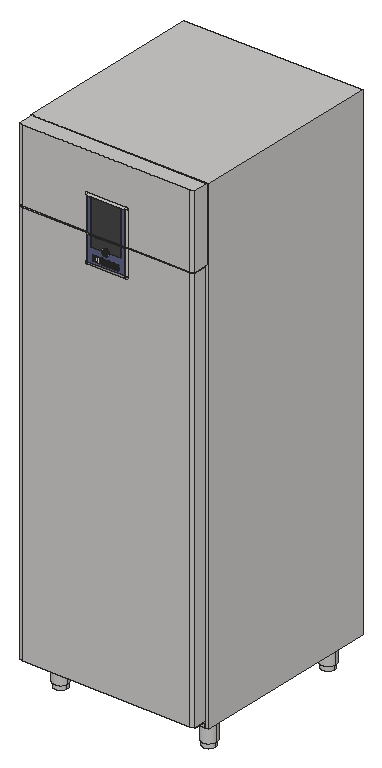
Revit family "QF_ELECTROLUXPROFESSIONAL_725239_ESP71FFRCO2", category Specialty Equipment, Revit 2018
Family settings
  Round Connector Dimension = Use Diameter
  Part Type = Normal
  Work Plane-Based = No
  Always vertical = Yes
  Cut with Voids When Loaded = No
  Shared = No
  Room Calculation Point = No
Parameters (values of type "Standard")
  Weight = 102.00 kg
  Watts = 0 W
  Volts = 220 V
  URL Manufacturer = "http://professional.electrolux.com"
  URL = "http://professional.electrolux.com"
  Steam Supply Size = 0 mm
  Steam Supply Minimum Pressure = 0.0 Pa
  Steam Supply Maximum Pressure = 0.0 Pa
  Steam Pounds per Hour = 0
  Refrigeration Suction Line Size = 0.031 mm
  Refrigeration Liquid Line Size = 0.02 mm
  Refrigerant Compressor Remote = yes
  Manufacturer = "Electrolux Professional"
  Phase = 1
  Model = "ESP71FFRCO2"
  Length Actual = 710 mm  # constant formula
  Item Number = "725239"
  Hot Water Size = 0 mm
  Height Actual = 2050 mm  # constant formula
  HP = "0.2 HP"
  Gas Size = 0 mm
  Gas KW = 0
  Gas Input Pressure = 0 W
  Direct Waste Size = 0 mm
  Description = "1-DOOR FREEZER 670L -22/-15°, DIGITAL,REM, CO2 W/VALVE"
  Depth Actual = 835 mm  # constant formula
  Cycle = 60 Hz
  Condensate Return Size = 0 mm
  Compressed Air Volume = 0.0 L/s
  Compressed Air Size = 0 mm
  Compressed Air Pressure = 0.0 Pa
  Cold Water Size = 0 mm
  Accessory = yes
Reference planes
  plane 1 "Center (Front/Back)": y = 0
  plane 2: z = 0
  plane 3 "Center (Left/Right)": x = 0
  plane 4 "BASE": z = 110
  plane 5 "TOP": z = 2050
  plane 6 "FRONT": y = -417.5
  plane 7 "BACK": y = 417.5
  plane 8 "LEFT": x = -355
  plane 9 "RIGHT": x = 355
  plane 10 "RO_X": y = -166.5
  plane 11 "RO_Y": x = -245
  plane 12 "REMOTE_Z": z = 1802
  plane 13 "RI_Y": x = -205
  plane 14 "RI_X": y = -187.5
Forms (mm)
  Extrusion 1, solid, material "QF_Finishes_Stainless Steel"
    sketch origin (0, 0, 0) x (1, 0, 0) y (0, 1, 0)
      loop
        circle (-278, 344.5) r 25
      loop
        circle (278, 344.5) r 25
      loop
        circle (-295, -269.5) r 25
      loop
        circle (295, -269.5) r 25
    from 0 to 20
  Extrusion 2, solid, material "QF_Finishes_Stainless Steel"
    sketch origin (0, 0, 0) x (1, 0, 0) y (0, 1, 0)
      loop
        circle (-278, 344.5) r 30
      loop
        circle (278, 344.5) r 30
      loop
        circle (295, -269.5) r 30
      loop
        circle (-295, -269.5) r 30
    from 20 to 110
  Extrusion 3, solid, material "QF_Finishes_Stainless Steel"
    sketch origin (0, 0, 110) x (-1, 0, 0) y (0, -1, 0)
      loop
        line (355, -417.5) -> (355, 345.5) -> (-355, 345.5) -> (-355, -417.5) -> (355, -417.5)
    from 0 to 1940
  Extrusion 4, solid
    sketch origin (0, 417.5, 1660) x (-1, 0, 0) y (0, 0, 1)
      loop
        circle (339, 124) r 10
    from 0 to 3.2
  Extrusion 5, solid, material "QF_Door-Drawer Clearances", detail levels coarse
    sketch origin (0, 0, 110) x (-1, 0, 0) y (0, -1, 0)
      loop
        line (-345, 409.5) -> (-283, 409.5) -> (-283, 1006.5) -> (-301, 1006.5) -> (-301, 1024.5) -> (-323, 1024.5) -> (-323, 1062.5) -> (-345, 1062.5) -> (-345, 409.5)
    from 1642.965 to 28
  Extrusion 6, solid, material "QF_Door-Drawer Clearances", detail levels coarse
    sketch origin (0, 0, 110) x (-1, 0, 0) y (0, -1, 0)
      loop
        line (-283, 409.5) -> (347, 409.5)
        arc (347, 409.5) -> (150.684, 878.295) -> (-323, 1062.5) r 650
        line (-323, 1062.5) -> (-323, 1024.5) -> (-301, 1024.5) -> (-301, 1006.5) -> (-283, 1006.5) -> (-283, 409.5)
    from 1642.965 to 28
  Extrusion 7, solid, material "QF_Clearances", detail levels coarse
    sketch origin (0, 0, 110) x (-1, 0, 0) y (0, -1, 0)
      loop
        line (355, 417.5) -> (355, -417.5) -> (-355, -417.5) -> (-355, 417.5) -> (-385, 417.5) -> (-385, -447.5) -> (385, -447.5) -> (385, 417.5) -> (355, 417.5)
    from -110 to 1940
  Extrusion 8, solid, material "QF_Clearances", detail levels coarse
    sketch origin (0, 0, 2050) x (-1, 0, 0) y (0, -1, 0)
      loop
        line (385, -447.5) -> (385, 417.5) -> (-385, 417.5) -> (-385, -447.5) -> (385, -447.5)
    from 0 to 500
  Extrusion 9, void
    sketch origin (0, 417.5, 0) x (-1, 0, 0) y (0, 0, 1)
      loop
        line (280, 1724.965) -> (-280, 1724.965) -> (-280, 180) -> (0, 170) -> (280, 179.676) -> (280, 1724.965)
    from -56 to -763
  Extrusion 10, solid, material "QF_Finishes_Stainless Steel"
    sketch origin (0, 0, 2050) x (-1, 0, 0) y (0, -1, 0)
      loop
        circle (245, 166.5) r 4.75
    from -141.254 to -29
  Extrusion 11, solid, material "QF_Finishes_Stainless Steel"
    sketch origin (0, 0, 0) x (0, 1, 0) y (0, 0, 1)
      loop
        circle (-187.5, 1855) r 3
    from -90.986 to -205
Cuts and joins
  joined: Extrusion 7, Extrusion 8
  Extrusion 9 cuts Extrusion 3
Lines and regions (mm)
  symbolic lines, style "SpecialityEquipmentHiddenLines"
    curve 1: line (345, -409.5, 110) -> (345, -1062.5, 110)
    curve 2: line (345, -1062.5, 110) -> (323, -1062.5, 110)
    curve 3: line (283, -409.5, 110) -> (283, -1006.5, 110)
    curve 4: line (323, -1062.5, 110) -> (323, -1024.5, 110)
    curve 5: line (323, -1024.5, 110) -> (301, -1024.5, 110)
    curve 6: line (301, -1024.5, 110) -> (301, -1006.5, 110)
    curve 7: line (301, -1006.5, 110) -> (283, -1006.5, 110)
    curve 8: arc (-347, -409.5, 110) -> (-150.684, -878.295, 110) -> (323, -1062.5, 110) r 650
  symbolic lines, style "QF_Clearances", detail levels coarse
    curve 9: line (-355, -417.5, 2050) -> (-385, -417.5, 2050)
    curve 10: line (-385, -417.5, 2050) -> (-385, 447.5, 2050)
    curve 11: line (-385, 447.5, 2050) -> (385, 447.5, 2050)
    curve 12: line (385, 447.5, 2050) -> (385, -417.5, 2050)
    curve 13: line (385, -417.5, 2050) -> (355, -417.5, 2050)
  symbolic lines
    curve 14: line (355, 417.5, 2050) -> (-355, 417.5, 2050)
    curve 15: line (355, -345.5, 2050) -> (355, 417.5, 2050)
    curve 16: line (-355, -345.5, 2050) -> (355, -345.5, 2050)
    curve 17: line (-355, 417.5, 2050) -> (-355, -345.5, 2050)
Dimensions and locks
  equal spacing: plane 7 "BACK", plane 1 "Center (Front/Back)", plane 6 "FRONT"
  equal spacing: plane 8 "LEFT", plane 3 "Center (Left/Right)", plane 9 "RIGHT"
  plane 8 "LEFT" to plane 9 "RIGHT" = 710 mm
  plane 7 "BACK" to plane 6 "FRONT" = 835 mm
  plane 5 "TOP" to plane 2 = 2050 mm
  plane 7 "BACK" to plane 10 "RO_X" = 584 mm
  plane 8 "LEFT" to plane 11 "RO_Y" = 110 mm
  Extrusion 10 to plane 12 "REMOTE_Z" = 219 mm
  plane 14 "RI_X" to plane 7 "BACK" = 605 mm
  aligned and locked: level to plane 2
Automatic sketch dimensions
  Extrusion 3 sketch curve to plane 7 "BACK" = 0 mm
  Extrusion 3 sketch curve to plane 9 "RIGHT" = 0 mm
  Extrusion 3 sketch curve to plane 8 "LEFT" = 0 mm
  plane 8 "LEFT" to Extrusion 4 sketch curve = 16 mm
  plane 4 "BASE" to Extrusion 4 sketch curve = 1674 mm
  plane 9 "RIGHT" to curve 1 = 10 mm
  curve 1 to curve 2 = 22 mm
  plane 6 "FRONT" to curve 8 = 4.692 mm
  curve 7 to plane 6 "FRONT" = 589 mm
  curve 6 to curve 5 = 18 mm
  curve 4 to curve 2 = 38 mm
  plane 6 "FRONT" to curve 8 = 8 mm
  plane 6 "FRONT" to curve 1 = 8 mm
  plane 6 "FRONT" to curve 3 = 8 mm
  plane 9 "RIGHT" to Extrusion 5 sketch curve = 10 mm
  Extrusion 5 sketch curve to plane 6 "FRONT" = 589 mm
  Extrusion 5 sketch curve to Extrusion 5 sketch curve = 18 mm
  Extrusion 5 sketch curve to Extrusion 5 sketch curve = 38 mm
  plane 6 "FRONT" to Extrusion 5 sketch curve = 8 mm
  plane 6 "FRONT" to Extrusion 6 sketch curve = 4.692 mm
  Extrusion 6 sketch curve to Extrusion 6 sketch curve = 18 mm  (x2)
  Extrusion 6 sketch curve to Extrusion 6 sketch curve = 38 mm
  plane 8 "LEFT" to Extrusion 6 sketch curve = 8 mm
  plane 6 "FRONT" to Extrusion 6 sketch curve = 8 mm
  Extrusion 7 sketch curve to plane 6 "FRONT" = 0 mm  (x2)
  Extrusion 7 sketch curve to plane 7 "BACK" = 0 mm
  Extrusion 7 sketch curve to plane 9 "RIGHT" = 0 mm
  Extrusion 7 sketch curve to plane 8 "LEFT" = 0 mm
  Extrusion 7 sketch curve to plane 9 "RIGHT" = 30 mm
  Extrusion 7 sketch curve to plane 8 "LEFT" = 30 mm
  plane 7 "BACK" to Extrusion 7 sketch curve = 30 mm
  Extrusion 8 sketch curve to plane 6 "FRONT" = 0 mm
  Extrusion 8 sketch curve to plane 9 "RIGHT" = 30 mm
  Extrusion 8 sketch curve to plane 8 "LEFT" = 30 mm
  plane 7 "BACK" to Extrusion 8 sketch curve = 30 mm
  plane 8 "LEFT" to Extrusion 1 sketch curve = 60 mm
  plane 8 "LEFT" to Extrusion 1 sketch curve = 77 mm
  plane 9 "RIGHT" to Extrusion 1 sketch curve = 77 mm
  plane 9 "RIGHT" to Extrusion 1 sketch curve = 60 mm
  plane 6 "FRONT" to Extrusion 1 sketch curve = 148 mm  (x2)
  Extrusion 1 sketch curve to plane 7 "BACK" = 73 mm  (x2)
  plane 8 "LEFT" to Extrusion 2 sketch curve = 60 mm
  plane 8 "LEFT" to Extrusion 2 sketch curve = 77 mm
  plane 9 "RIGHT" to Extrusion 2 sketch curve = 77 mm
  plane 9 "RIGHT" to Extrusion 2 sketch curve = 60 mm
  plane 6 "FRONT" to Extrusion 2 sketch curve = 148 mm  (x2)
  Extrusion 2 sketch curve to plane 7 "BACK" = 73 mm  (x2)
  plane 6 "FRONT" to Extrusion 3 sketch curve = 72 mm
  curve 1 to curve 8 = 42.008 mm
  curve 4 to curve 5 = 22 mm
  curve 6 to curve 3 = 18 mm
  plane 9 "RIGHT" to Extrusion 5 sketch curve = 32 mm
  Extrusion 5 sketch curve to Extrusion 5 sketch curve = 22 mm
  Extrusion 5 sketch curve to Extrusion 5 sketch curve = 62 mm
  plane 9 "RIGHT" to Extrusion 6 sketch curve = 72 mm
  Extrusion 6 sketch curve to Extrusion 6 sketch curve = 19.992 mm
  Extrusion 6 sketch curve to Extrusion 6 sketch curve = 22 mm
  Extrusion 9 sketch curve to plane 3 "Center (Left/Right)" = 0 mm
  plane 8 "LEFT" to Extrusion 9 sketch curve = 75 mm
  plane 4 "BASE" to Extrusion 9 sketch curve = 60 mm
  plane 4 "BASE" to Extrusion 9 sketch curve = 69.676 mm
  Extrusion 9 sketch curve to plane 5 "TOP" = 325.035 mm
  plane 9 "RIGHT" to Extrusion 9 sketch curve = 75 mm
  Extrusion 9 sketch curve to Extrusion 9 sketch curve = 0.324 mm
  Extrusion 10 sketch curve to plane 10 "RO_X" = 0 mm
  Extrusion 10 sketch curve to plane 11 "RO_Y" = 0 mm
  Extrusion 11 sketch curve to plane 10 "RO_X" = 21 mm
  Extrusion 11 sketch curve to plane 12 "REMOTE_Z" = 53 mm
  curve 12 to plane 6 "FRONT" = 0 mm
  curve 15 to plane 7 "BACK" = 0 mm
  curve 15 to plane 9 "RIGHT" = 0 mm
  curve 13 to plane 9 "RIGHT" = 0 mm
  curve 17 to plane 8 "LEFT" = 0 mm
  curve 9 to plane 6 "FRONT" = 0 mm
  curve 9 to plane 8 "LEFT" = 0 mm
  curve 12 to plane 9 "RIGHT" = 30 mm
  curve 9 to curve 10 = 30 mm
  plane 7 "BACK" to curve 12 = 30 mm
  plane 6 "FRONT" to curve 15 = 72 mm
  radius of Extrusion 1 sketch curve = 25 mm  (x4)
  radius of Extrusion 2 sketch curve = 30 mm  (x4)
  radius of Extrusion 4 sketch curve = 10 mm
  radius of Extrusion 10 sketch curve = 4.75 mm
  radius of Extrusion 11 sketch curve = 3 mm
Nested families
  nested 1: "QF_725239_Door" at (0, -345.5, 968.365) x (1, 0, 0) z (0, -1, 0), type "QF_725239_Door"
    with Show Clearance yes
  nested 2: "Freezer" at (355, -417.5, 2050), type "Freezer"
Connectors
  electrical at (-339, 420.7, 1784), driven by "Volts"
    settings: on Extrusion 4, index 2, voltage 220 V, apparent load 0 VA, apparent load phase1 0 VA, apparent load phase2 0 VA, apparent load phase3 0 VA, power factor 1, load classification "Other", number of poles 1, system type 30, power factor state 1, is connector primary yes, connector utility no, sub classification motor no, connector description "Electrical Connection"
  piping at (-245, -166.5, 2021), diameter 9.5
    settings: on Extrusion 10, index 3, connector inside diameter 609.6 mm, connector length 0 mm, flow factor 0, pipe flow 0.0 L/s, pressure drop 0.0 Pa, fitting loss kfactor 0, connector angle 0.00°, fixture units 0, engagement length 0 mm, angle of deflection 0.00°, flow configuration 1, flow direction 2, fitting loss method 0, system type 8, joint type 0, gender type 0, connector reference index -1, connector utility 0, adjustable connector no, is connector primary yes, connector description "Refrigerant Outlet"
  piping at (-205, -187.5, 1855), diameter 6
    settings: on Extrusion 11, index 4, connector inside diameter 609.6 mm, connector length 0 mm, flow factor 0, pipe flow 0.0 L/s, pressure drop 0.0 Pa, fitting loss kfactor 0, connector angle 0.00°, fixture units 0, engagement length 0 mm, angle of deflection 0.00°, flow configuration 1, flow direction 1, fitting loss method 0, system type 7, joint type 0, gender type 0, connector reference index -1, connector utility 0, adjustable connector no, is connector primary no, connector description "Refrigerant Inlet"
Definition of nested family "QF_725239_Door"
  Parameters
    Show Clearance [instance] = yes
    Model = "725239"
    Default Elevation = 1219.2 mm
  Reference planes
    plane 1 "Center (Front/Back)": y = 0
    plane 2: z = 0
    plane 3 "Center (Left/Right)": x = 0
  Forms (mm)
    Extrusion 1, solid
      sketch origin (0, -919.2, 0) x (1, 0, 0) y (0, 1, 0)
        loop
          line (-460, 2119.2) -> (-460, -162.846) -> (488.967, -162.846) -> (488.967, 2119.2) -> (-460, 2119.2)
      from 0 to -59.546
    Extrusion 2, solid
      sketch origin (0, 0, 0) x (1, 0, 0) y (0, 0, 1)
        loop
          line (-347, 60) -> (-347, 0) -> (347, 0) -> (347, 60) -> (332, 64) -> (-332, 64) -> (-347, 60)
      from -1081.6 to -791.6
    Extrusion 3, solid
      sketch origin (0, 0, 0) x (1, 0, 0) y (0, 0, 1)
        loop
          line (-347, 60) -> (-347, 26) -> (-325, 26) -> (-325, 8) -> (-307, 8) -> (-307, 0) -> (339, 0) -> (339, 8) -> (347, 8) -> (347, 60) -> (332, 64) -> (-332, 64) -> (-347, 60)
      from -784.6 to 830.4
    Extrusion 4, solid
      sketch origin (119, -516.365, 0) x (0, 1, 0) y (0, 0, 1)
        loop
          line (-323.003, 40.312) -> (-316.501, 40.312) -> (-316.501, 42.812) -> (-325.503, 42.812) -> (-325.503, 2.5) -> (-342, 2.5) -> (-342, 0) -> (-323.003, 0) -> (-323.003, 12.259) -> (-323.003, 40.312)
        loop
          line (-314, 38.311) -> (-316.501, 38.311) -> (-316.501, 14.304) -> (-319.752, 14.304) -> (-319.752, 11.804) -> (-314, 11.804) -> (-314, 38.311)
      from 185 to 220
    Extrusion 5, solid
      sketch origin (119, 469.597, 0) x (0, 1, 0) y (0, 0, 1)
        loop
          line (315.003, 27.948) -> (315.003, 2.948) -> (315.003, 0) -> (322.003, 0) -> (322.003, 2.5) -> (317.503, 2.5) -> (317.503, 27.948) -> (315.003, 27.948)
      from 185 to 220
  Lines and regions (mm)
    symbolic lines
      curve 1: line (-332, 0, 64) -> (332, 0, 64)
      curve 2: line (-347, 0, 0) -> (-347, 0, 60)
      curve 3: line (347, 0, 0) -> (-347, 0, 0)
      curve 4: line (347, 0, 60) -> (347, 0, 0)
      curve 5: line (-347, 0, 26) -> (-325, 0, 26)
      curve 6: line (-325, 0, 26) -> (-325, 0, 8)
      curve 7: line (-325, 0, 8) -> (-307, 0, 8)
      curve 8: line (-307, 0, 8) -> (-307, 0, 0)
      curve 9: line (339, 0, 8) -> (347, 0, 8)
      curve 10: line (339, 0, 8) -> (339, 0, 0)
      curve 11: line (347, 0, 60) -> (332, 0, 64)
      curve 12: line (-332, 0, 64) -> (-347, 0, 60)
  Dimensions and locks
    aligned and locked: plane 2 to Extrusion 1
    aligned and locked: level to Extrusion 1
  Nested families
    nested 1: "QF_DisplayPremiumCabinets" at (0, 803.6, 64), type "QF_DisplayPremiumCabinets"
      with Show Clearance yes
  Definition of nested family "QF_DisplayPremiumCabinets"
    Parameters
      Show Clearance [instance] = yes
      Model = "728658"
      Default Elevation = 1219.2 mm
    Reference planes
      plane 1 "Center (Front/Back)": y = 0
      plane 2: z = 0
      plane 3 "Center (Left/Right)": x = 0
    Forms (mm)
      Extrusion 1, solid
        sketch origin (0, -919.2, 0) x (1, 0, 0) y (0, 1, 0)
          loop
            line (-980.5, 2119.2) -> (-980.5, -162.846) -> (881.94, -162.846) -> (881.94, 2119.2) -> (-980.5, 2119.2)
        from 0 to -59.546
      Extrusion 2, solid
        sketch origin (-0.611, 0, 0) x (1, 0, 0) y (0, 1, 0)
          loop
            circle (0.611, -59) r 14
        from 5 to 7
      Extrusion 3, solid
        sketch origin (364.889, -803.635, 0) x (1, 0, 0) y (0, 1, 0)
          loop
            circle (-364.889, 744.635) r 10
          loop
            circle (-364.889, 744.635) r 9
        from 5 to 8
      Extrusion 4, solid
        sketch origin (364.889, -803.635, 0) x (1, 0, 0) y (0, 1, 0)
          loop
            circle (-364.889, 744.635) r 8.7
        from 5 to 8
      Extrusion 5, void
        sketch origin (-744.647, -424.488, 0) x (0, -1, 0) y (1, 0, 0)
          loop
            line (-372.339, 745.885) -> (-372.339, 743.385) -> (-362.339, 743.385) -> (-362.339, 745.885) -> (-372.339, 745.885)
        from 8.592 to 6.269
      Extrusion 6, solid
        sketch origin (365.5, -803.635, 0) x (1, 0, 0) y (0, 1, 0)
          loop
            line (-380.472, 718.596) -> (-387.909, 718.596) -> (-387.909, 709.937)
            arc (-387.909, 709.937) -> (-386.93, 707.574) -> (-384.567, 706.595) r 3.341
            line (-384.567, 706.595) -> (-380.329, 706.595) -> (-380.329, 708.538) -> (-384.084, 708.538)
            arc (-384.084, 708.538) -> (-385.317, 708.955) -> (-385.843, 710.147) r 1.615
            line (-385.843, 710.147) -> (-385.843, 711.864) -> (-380.794, 711.864) -> (-380.794, 713.813) -> (-385.843, 713.813) -> (-385.843, 716.652) -> (-380.472, 716.652) -> (-380.472, 718.596)
          loop
            line (-378.861, 718.596) -> (-378.861, 706.595) -> (-376.794, 706.595) -> (-376.794, 718.596) -> (-378.861, 718.596)
          loop
            line (-333.968, 718.596) -> (-333.968, 706.595) -> (-331.9, 706.595) -> (-331.9, 718.596) -> (-333.968, 718.596)
          loop
            line (-373.376, 710.427) -> (-366.593, 710.427)
            arc (-366.593, 710.427) -> (-367.654, 714.154) -> (-371.282, 715.512) r 4.298
            arc (-371.282, 715.512) -> (-374.477, 713.892) -> (-375.389, 710.427) r 4.373
            arc (-375.389, 710.427) -> (-374.189, 707.53) -> (-371.292, 706.33) r 4.097
            arc (-371.292, 706.33) -> (-369.037, 706.663) -> (-367.147, 707.936) r 5.15
            line (-367.147, 707.936) -> (-368.371, 709.16)
            arc (-368.371, 709.16) -> (-369.978, 708.196) -> (-371.846, 708.358) r 3.039
            arc (-371.846, 708.358) -> (-372.985, 709.116) -> (-373.376, 710.427) r 2.013
          loop
            line (-373.324, 711.881) -> (-368.669, 711.881)
            arc (-368.669, 711.881) -> (-369.323, 713.255) -> (-370.758, 713.761) r 1.983
            arc (-370.758, 713.761) -> (-372.414, 713.33) -> (-373.324, 711.881) r 2.321
          loop
            line (-358.536, 712.746) -> (-357.238, 714.044)
            arc (-357.238, 714.044) -> (-358.865, 715.222) -> (-360.843, 715.574) r 4.497
            arc (-360.843, 715.574) -> (-363.86, 714.472) -> (-365.443, 711.677) r 4.652
            arc (-365.443, 711.677) -> (-362.774, 706.778) -> (-357.311, 707.907) r 4.684
            line (-357.311, 707.907) -> (-358.602, 709.198)
            arc (-358.602, 709.198) -> (-361.388, 708.276) -> (-363.383, 710.427) r 2.714
            arc (-363.383, 710.427) -> (-363.244, 712.128) -> (-362.073, 713.37) r 2.578
            arc (-362.073, 713.37) -> (-360.199, 713.656) -> (-358.536, 712.746) r 2.961
          loop
            line (-355.968, 718.596) -> (-355.968, 710.395)
            arc (-355.968, 710.395) -> (-355.789, 709.165) -> (-355.329, 708.01) r 5.301
            arc (-355.329, 708.01) -> (-353.854, 706.837) -> (-351.985, 706.59) r 3.531
            line (-351.985, 706.59) -> (-351.985, 708.527)
            arc (-351.985, 708.527) -> (-352.541, 708.569) -> (-353.059, 708.774) r 1.862
            arc (-353.059, 708.774) -> (-353.723, 709.477) -> (-353.901, 710.427) r 1.713
            line (-353.901, 710.427) -> (-353.901, 713.397) -> (-352.024, 713.397) -> (-352.024, 715.275) -> (-353.901, 715.275) -> (-353.901, 718.596) -> (-355.968, 718.596)
          loop
            arc (-348.234, 711.158) -> (-348.087, 712.023) -> (-347.66, 712.79) r 2.607
            arc (-347.66, 712.79) -> (-346.422, 713.426) -> (-345.031, 713.397) r 2.84
            line (-345.031, 713.397) -> (-345.031, 715.383)
            arc (-345.031, 715.383) -> (-346.848, 715.212) -> (-348.234, 714.023) r 3.016
            line (-348.234, 714.023) -> (-348.234, 715.275) -> (-350.285, 715.275) -> (-350.285, 706.595) -> (-348.234, 706.595) -> (-348.234, 711.158)
          loop
            circle (-339.976, 710.933) r 4.599
          loop
            circle (-339.976, 710.933) r 2.787
          loop
            arc (-324.445, 710.21) -> (-324.956, 708.807) -> (-326.34, 708.247) r 1.835
            arc (-326.34, 708.247) -> (-327.725, 708.807) -> (-328.235, 710.21) r 1.835
            line (-328.235, 710.21) -> (-328.235, 715.274) -> (-330.32, 715.274) -> (-330.32, 710.038)
            arc (-330.32, 710.038) -> (-329.133, 707.334) -> (-326.34, 706.376) r 3.675
            arc (-326.34, 706.376) -> (-323.516, 707.363) -> (-322.362, 710.123) r 3.675
            line (-322.362, 710.123) -> (-322.362, 715.274) -> (-324.445, 715.274) -> (-324.445, 710.21)
          loop
            line (-321.112, 715.274) -> (-318.111, 711.199) -> (-321.409, 706.592) -> (-319.186, 706.592) -> (-316.998, 709.65) -> (-314.777, 706.592) -> (-312.569, 706.592) -> (-315.82, 711.246) -> (-312.847, 715.274) -> (-315.103, 715.274) -> (-317.005, 712.698) -> (-318.877, 715.274) -> (-321.112, 715.274)
          loop
            line (-386.746, 701.621) -> (-388.394, 701.621) -> (-388.394, 697.47) -> (-387.492, 697.47) -> (-387.492, 698.9) -> (-386.495, 698.9)
            arc (-386.495, 698.9) -> (-385.38, 700.375) -> (-386.746, 701.621) r 1.372
          loop
            arc (-386.535, 699.715) -> (-386.193, 700.249) -> (-386.535, 700.782) r 0.587
            line (-386.535, 700.782) -> (-387.492, 700.782) -> (-387.492, 699.715) -> (-386.535, 699.715)
          loop
            line (-380.234, 701.621) -> (-381.911, 701.621) -> (-381.911, 697.47) -> (-381.009, 697.47) -> (-381.009, 698.9) -> (-380.136, 698.9) -> (-379.539, 697.47) -> (-378.571, 697.47) -> (-379.387, 699.22)
            arc (-379.387, 699.22) -> (-378.996, 699.688) -> (-378.865, 700.283) r 1.281
            arc (-378.865, 700.283) -> (-379.277, 701.231) -> (-380.234, 701.621) r 1.37
          loop
            line (-381.009, 700.782) -> (-381.009, 699.715) -> (-380.051, 699.715)
            arc (-380.051, 699.715) -> (-379.71, 700.249) -> (-380.051, 700.782) r 0.587
            line (-380.051, 700.782) -> (-381.009, 700.782)
          loop
            circle (-373.272, 699.545) r 2.156
          loop
            circle (-373.272, 699.545) r 1.368
          loop
            line (-367.574, 701.62) -> (-367.574, 697.47) -> (-366.694, 697.47) -> (-366.694, 698.921) -> (-365.132, 698.921) -> (-365.132, 699.851) -> (-366.694, 699.851) -> (-366.694, 700.726) -> (-364.982, 700.726) -> (-364.982, 701.62) -> (-367.574, 701.62)
          loop
            line (-361.482, 701.62) -> (-361.482, 698.818)
            arc (-361.482, 698.818) -> (-361.1, 697.869) -> (-360.155, 697.474) r 1.327
            line (-360.155, 697.474) -> (-358.815, 697.474) -> (-358.815, 698.258) -> (-360.075, 698.258)
            arc (-360.075, 698.258) -> (-360.538, 698.641) -> (-360.629, 699.236) r 0.845
            line (-360.629, 699.236) -> (-358.971, 699.236) -> (-358.971, 700.02) -> (-360.629, 700.02) -> (-360.629, 700.837) -> (-358.856, 700.837) -> (-358.856, 701.62) -> (-361.482, 701.62)
          loop
            arc (-346.454, 701.095) -> (-347.003, 701.546) -> (-347.7, 701.689) r 1.485
            arc (-347.7, 701.689) -> (-348.343, 701.532) -> (-348.871, 701.133) r 1.645
            arc (-348.871, 701.133) -> (-348.969, 700.191) -> (-348.361, 699.464) r 1.217
            arc (-348.361, 699.464) -> (-347.85, 699.293) -> (-347.365, 699.059) r 4.201
            arc (-347.365, 699.059) -> (-347.058, 698.698) -> (-347.27, 698.274) r 0.43
            arc (-347.27, 698.274) -> (-347.662, 698.182) -> (-348.052, 698.281) r 0.846
            arc (-348.052, 698.281) -> (-348.389, 698.524) -> (-348.596, 698.885) r 0.983
            line (-348.596, 698.885) -> (-349.322, 698.546)
            arc (-349.322, 698.546) -> (-349.06, 698.042) -> (-348.639, 697.661) r 1.595
            arc (-348.639, 697.661) -> (-348.161, 697.457) -> (-347.644, 697.405) r 1.719
            arc (-347.644, 697.405) -> (-347.004, 697.532) -> (-346.428, 697.838) r 2.246
            arc (-346.428, 697.838) -> (-346.174, 698.515) -> (-346.305, 699.225) r 1.349
            arc (-346.305, 699.225) -> (-346.589, 699.553) -> (-346.952, 699.79) r 1.564
            arc (-346.952, 699.79) -> (-347.411, 699.994) -> (-347.881, 700.171) r 8.236
            arc (-347.881, 700.171) -> (-348.153, 700.593) -> (-347.76, 700.907) r 0.375
            arc (-347.76, 700.907) -> (-347.29, 700.794) -> (-346.928, 700.472) r 0.998
            line (-346.928, 700.472) -> (-346.454, 701.095)
          loop
            line (-342.646, 701.62) -> (-342.646, 697.474) -> (-341.794, 697.474) -> (-341.794, 701.62) -> (-342.646, 701.62)
          loop
            circle (-336.044, 699.547) r 1.29
          loop
            circle (-336.044, 699.547) r 2.154
          loop
            line (-330.323, 697.474) -> (-329.462, 697.474) -> (-329.462, 700.081) -> (-327.564, 697.474) -> (-326.736, 697.474) -> (-326.736, 701.62) -> (-327.597, 701.62) -> (-327.597, 698.934) -> (-329.494, 701.62) -> (-330.323, 701.62) -> (-330.323, 697.474)
          loop
            line (-322.436, 697.474) -> (-322.032, 698.368) -> (-320.498, 698.368) -> (-320.094, 697.474) -> (-319.178, 697.474) -> (-320.929, 701.62) -> (-321.729, 701.62) -> (-323.352, 697.474) -> (-322.436, 697.474)
          loop
            line (-320.881, 699.219) -> (-321.292, 700.13) -> (-321.691, 699.219) -> (-320.881, 699.219)
          loop
            line (-314.942, 698.258) -> (-314.942, 701.62) -> (-315.795, 701.62) -> (-315.795, 697.474) -> (-313.347, 697.474) -> (-313.347, 698.258) -> (-314.942, 698.258)
          loop
            arc (-352.671, 701.095) -> (-353.221, 701.546) -> (-353.917, 701.689) r 1.485
            arc (-353.917, 701.689) -> (-354.56, 701.532) -> (-355.089, 701.133) r 1.645
            arc (-355.089, 701.133) -> (-355.186, 700.191) -> (-354.579, 699.464) r 1.217
            arc (-354.579, 699.464) -> (-354.067, 699.293) -> (-353.582, 699.059) r 4.201
            arc (-353.582, 699.059) -> (-353.276, 698.698) -> (-353.487, 698.274) r 0.43
            arc (-353.487, 698.274) -> (-353.879, 698.182) -> (-354.269, 698.281) r 0.846
            arc (-354.269, 698.281) -> (-354.607, 698.524) -> (-354.813, 698.885) r 0.983
            line (-354.813, 698.885) -> (-355.539, 698.546)
            arc (-355.539, 698.546) -> (-355.278, 698.042) -> (-354.856, 697.661) r 1.595
            arc (-354.856, 697.661) -> (-354.378, 697.457) -> (-353.861, 697.405) r 1.719
            arc (-353.861, 697.405) -> (-353.222, 697.532) -> (-352.646, 697.838) r 2.246
            arc (-352.646, 697.838) -> (-352.391, 698.515) -> (-352.523, 699.225) r 1.349
            arc (-352.523, 699.225) -> (-352.806, 699.553) -> (-353.169, 699.79) r 1.564
            arc (-353.169, 699.79) -> (-353.628, 699.994) -> (-354.099, 700.171) r 8.236
            arc (-354.099, 700.171) -> (-354.37, 700.593) -> (-353.978, 700.907) r 0.375
            arc (-353.978, 700.907) -> (-353.507, 700.794) -> (-353.145, 700.472) r 0.998
            line (-353.145, 700.472) -> (-352.671, 701.095)
          loop
            line (-402.895, 718.39) -> (-402.895, 698.596)
            arc (-402.895, 698.596) -> (-395.578, 708.493) -> (-402.895, 718.39) r 10.352
          loop
            arc (-403.902, 718.39) -> (-412.134, 716.519) -> (-416.1, 709.067) r 10.145
            line (-416.1, 709.067) -> (-412.825, 709.067)
            arc (-412.825, 709.067) -> (-406.975, 711.441) -> (-403.902, 716.957) r 9.509
            line (-403.902, 716.957) -> (-403.902, 718.39)
          loop
            arc (-403.902, 700.029) -> (-406.975, 705.544) -> (-412.825, 707.919) r 9.509
            line (-412.825, 707.919) -> (-416.1, 707.919)
            arc (-416.1, 707.919) -> (-412.141, 700.405) -> (-403.902, 698.341) r 10.411
            line (-403.902, 698.341) -> (-403.902, 700.029)
          loop
            line (-416.852, 719.47) -> (-416.852, 697.47) -> (-394.822, 697.47) -> (-394.822, 719.47) -> (-416.852, 719.47)
        from 3 to 5.5
      Blend 7, solid
        base sketch origin (365.5, -803.635, 0) x (1, 0, 0) y (0, 1, 0)
          loop
            line (-439.797, 784.635) -> (-439.797, 685.635) -> (-291.203, 685.635) -> (-291.203, 784.635) -> (-439.797, 784.635)
        top sketch origin (365.5, -803.635, 0) x (1, 0, 0) y (0, 1, 0)
          loop
            line (-449.797, 784.635) -> (-449.797, 683.635)
            arc (-449.797, 683.635) -> (-447.454, 677.978) -> (-441.797, 675.635) r 8
            line (-441.797, 675.635) -> (-289.203, 675.635)
            arc (-289.203, 675.635) -> (-283.546, 677.978) -> (-281.203, 683.635) r 8
            line (-281.203, 683.635) -> (-281.203, 784.635) -> (-449.797, 784.635)
        from 5 to 0
      Blend 8, solid
        base sketch origin (365.5, -803.635, 0) x (1, 0, 0) y (0, 1, 0)
          loop
            line (-439.797, 791.635) -> (-291.203, 791.635) -> (-291.203, 921.635) -> (-439.797, 921.635) -> (-439.797, 791.635)
        top sketch origin (365.5, -803.635, 0) x (1, 0, 0) y (0, 1, 0)
          loop
            line (-281.203, 791.635) -> (-281.203, 923.635)
            arc (-281.203, 923.635) -> (-283.546, 929.291) -> (-289.203, 931.635) r 8
            line (-289.203, 931.635) -> (-441.797, 931.635)
            arc (-441.797, 931.635) -> (-447.454, 929.291) -> (-449.797, 923.635) r 8
            line (-449.797, 923.635) -> (-449.797, 791.635) -> (-281.203, 791.635)
        from 5 to 0
      Extrusion 9, solid
        sketch origin (-744.647, -424.488, 0) x (0, -1, 0) y (1, 0, 0)
          loop
            line (-372.339, 745.885) -> (-372.339, 743.385) -> (-362.339, 743.385) -> (-362.339, 745.885) -> (-372.339, 745.885)
        from 6 to 8
      Extrusion 10, solid
        sketch origin (0, 0, 0) x (1, 0, 0) y (0, 1, 0)
          loop
            line (-74.297, 118) -> (-74.297, -12) -> (-58.5, -12) -> (-58.5, 118) -> (-74.297, 118)
          loop
            line (74.297, -12) -> (74.297, 118) -> (58.5, 118) -> (58.5, -12) -> (74.297, -12)
        from 0 to 5
      Extrusion 11, solid
        sketch origin (0, 0, 0) x (1, 0, 0) y (0, 1, 0)
          loop
            line (-74.297, -118) -> (74.297, -118) -> (74.297, -19) -> (58.5, -19) -> (58.5, -58.988) -> (-58.5, -58.988) -> (-58.5, -19) -> (-74.297, -19) -> (-74.297, -118)
        from 0 to 5
      Extrusion 12, solid
        sketch origin (0, 0, 0) x (1, 0, 0) y (0, 1, 0)
          loop
            line (-58.5, -12) -> (58.5, -12) -> (58.5, 118) -> (-58.5, 118) -> (-58.5, -12)
          loop
            line (58.5, -19) -> (-58.5, -19) -> (-58.5, -58.988) -> (58.5, -58.988) -> (58.5, -19)
        from 0 to 5
      Extrusion 13, void
        sketch origin (0, 0, 0) x (1, 0, 0) y (0, 1, 0)
          loop
            line (-74.297, 118) -> (-74.297, -12) -> (74.297, -12) -> (74.297, 118) -> (-74.297, 118)
          loop
            line (74.297, -118) -> (74.297, -19) -> (-74.297, -19) -> (-74.297, -118) -> (74.297, -118)
        from 0 to 5
    Cuts and joins
      Extrusion 5, Extrusion 13 cuts Extrusion 4
      Extrusion 13 cuts Extrusion 6
      Extrusion 13 cuts Extrusion 2
      Extrusion 13 cuts Extrusion 3
      Extrusion 13 cuts Blend 7
      Extrusion 13 cuts Blend 8
      Extrusion 13 cuts Extrusion 9
    Lines and regions (mm)
      symbolic lines
        curve 1: line (10.611, 0, 8) -> (-9.389, 0, 8)
        curve 2: line (-84.297, 0, 0) -> (-74.297, 0, 5)
        curve 3: line (-74.297, 0, 5) -> (74.297, 0, 5)
        curve 4: line (74.297, 0, 5) -> (84.297, 0, 0)
        curve 5: line (-13.389, 0, 5) -> (-13.389, 0, 7)
        curve 6: line (-13.389, 0, 7) -> (14.611, 0, 7)
        curve 7: line (14.611, 0, 7) -> (14.611, 0, 5)
        curve 8: line (10.611, 0, 7) -> (10.611, 0, 8)
        curve 9: line (-9.389, 0, 7) -> (-9.389, 0, 8)
    Dimensions and locks
      aligned and locked: plane 2 to Extrusion 1
      aligned and locked: level to Extrusion 1
Definition of nested family "Freezer"
  Reference planes
    plane 1 "Center (Front/Back)": y = 0
    plane 2: z = 0
    plane 3 "Center (Left/Right)": x = 0
  Lines and regions (mm)
    detail lines, in view "Ref. Level"
      curve 1: spline (-500, 190, 0) -> (-493.185, 166.706, 0) -> (-473.205, 145, 0) -> (-441.421, 126.36, 0) -> (-400, 112.058, 0) -> (-351.764, 103.067, 0) -> (-300, 100, 0) -> (-248.236, 103.067, 0) -> (-200, 112.058, 0) -> (-158.579, 126.36, 0) -> (-126.795, 145, 0) -> (-106.815, 166.706, 0) -> (-100, 190, 0) -> (-106.815, 213.294, 0) -> (-126.795, 235, 0) -> (-158.579, 253.64, 0) -> (-200, 267.942, 0) -> (-248.236, 276.933, 0) -> (-300, 280, 0) -> (-351.764, 276.933, 0) -> (-400, 267.942, 0) -> (-441.421, 253.64, 0) -> (-473.205, 235, 0) -> (-493.185, 213.294, 0) -> (-500, 190, 0)
      curve 2: line (-220, 130, 0) -> (-220, 250, 0)
      curve 3: line (-271.962, 220, 0) -> (-168.038, 160, 0)
      curve 4: line (-271.962, 160, 0) -> (-168.038, 220, 0)
      curve 5: line (-200.884, 246.873, 0) -> (-220, 225, 0)
      curve 6: line (-220, 225, 0) -> (-239.116, 246.873, 0)
      curve 7: line (-250.311, 207.5, 0) -> (-260, 235.883, 0)
      curve 8: line (-279.736, 201.7, 0) -> (-250.311, 207.5, 0)
      curve 9: line (-250.311, 172.5, 0) -> (-279.736, 178.3, 0)
      curve 10: line (-260, 144.117, 0) -> (-250.311, 172.5, 0)
      curve 11: line (-220, 155, 0) -> (-239.116, 133.127, 0)
      curve 12: line (-200.884, 133.127, 0) -> (-220, 155, 0)
      curve 13: line (-189.689, 172.5, 0) -> (-180.304, 145.008, 0)
      curve 14: line (-161.188, 178.118, 0) -> (-189.689, 172.5, 0)
      curve 15: line (-189.689, 207.5, 0) -> (-161.188, 201.882, 0)
      curve 16: line (-180.304, 234.992, 0) -> (-189.689, 207.5, 0)
      curve 17: line (-380, 130, 0) -> (-380, 250, 0)
      curve 18: line (-431.962, 220, 0) -> (-328.038, 160, 0)
      curve 19: line (-431.962, 160, 0) -> (-328.038, 220, 0)
      curve 20: line (-360.884, 246.873, 0) -> (-380, 225, 0)
      curve 21: line (-380, 225, 0) -> (-399.116, 246.873, 0)
      curve 22: line (-410.311, 207.5, 0) -> (-419.696, 234.992, 0)
      curve 23: line (-438.812, 201.882, 0) -> (-410.311, 207.5, 0)
      curve 24: line (-410.311, 172.5, 0) -> (-438.812, 178.118, 0)
      curve 25: line (-419.696, 145.008, 0) -> (-410.311, 172.5, 0)
      curve 26: line (-380, 155, 0) -> (-399.116, 133.127, 0)
      curve 27: line (-360.884, 133.127, 0) -> (-380, 155, 0)
      curve 28: line (-349.689, 172.5, 0) -> (-340, 144.117, 0)
      curve 29: line (-320.264, 178.3, 0) -> (-349.689, 172.5, 0)
      curve 30: line (-349.689, 207.5, 0) -> (-320.264, 201.7, 0)
      curve 31: line (-340, 235.883, 0) -> (-349.689, 207.5, 0)
